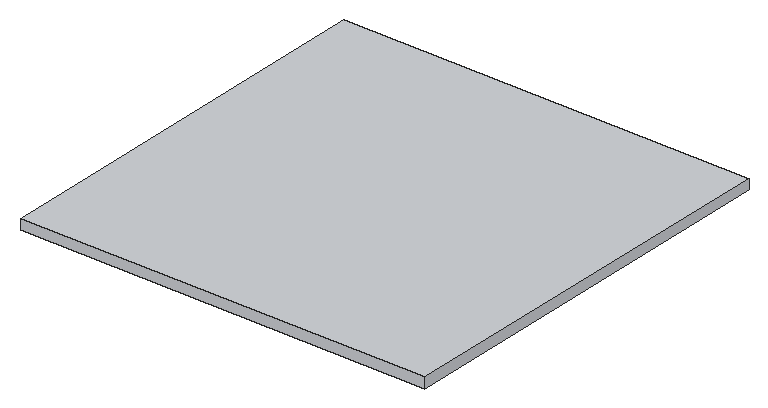
Revit family "88950300", category Aparatos sanitarios, Revit 2017
Family settings
  Anfitrión = Cara
  Cota de conector redondo = Diámetro de uso
  Tipo de pieza = Normal
  Número OmniClass = 23.45.55.14
  Título OmniClass = Single Faucets
  Corte con vacíos al cargar = No
  Compartido = No
  Punto de cálculo de habitación = No
Parameters (values of type "88950300")
  URL = "http://www.griferiasgalindo.com"
  Teléfono = "(+34) 915 782 575"
  TIPO DE AGUA = "Fria/Caliente"
  REFERENCIA = "88950300"
  Presión Máxima = "8 bar"
  PESO BRUTO = "7 Kg"
  Modelo = "Columna ducha mezcladora KARIM DUE"
  Material = LATON CROMADO
  Imagen de tipo = <Ninguno>
  Fabricante = "PRESTO IBÉRICA"
  Default Elevation = 1219.2 mm
  ENTRADA = "Hembre 3/4\""
  Descripción = "Grupo ducha mezcladora con columna, rociador y accesorios ducha"
  Código de montaje = "C1030220"
  Contacto = "info@prestoiberica.com"
  Conexión AF = yes
  Conexión AC = yes
  Comentarios de tipo = "Suministrado con excéntricas 1/2\" a 3/4\", flexo, soporte a pared y maneral. Cartucho sellado con discos cerámicos de diámetro 35 mm. Rodiador en ABS cromado de 225 mm. Barra soporte rociador regulable."
  CIERRE = "Manual"
  CAUDAL = "20,2 l/min"
  Accionamiento = "Mediante maneta"
Reference planes
  plane 1 "Centro (Frontal/Posterior)": y = 0
  plane 2: z = 0
  plane 3 "Centro (Izquierda/Derecha)": x = 0
Forms (mm)
  Extrusion 1, solid
    sketch origin (0, 0, 0) x (1, 0, 0) y (0, 1, 0)
      loop
        line (-100, 100) -> (-100, -100) -> (100, -100) -> (100, 100) -> (-100, 100)
    from 0 to -5
Dimensions and locks
  Extrusion 1 sketch curve to plane 1 "Centro (Frontal/Posterior)" = 100 mm
  aligned and locked: plane 2 to Extrusion 1
  aligned and locked: level to Extrusion 1
Connectors
  piping at (-62, 0, -19.8), diameter 19.1
    settings: on import instance, index 1, connector inside diameter 609.6 mm, connector length 0 mm, flow factor 0, pipe flow 0.0 L/s, pressure drop 0.0 Pa, fitting loss kfactor 0, connector angle 0.00°, fixture units 0, engagement length 0 mm, angle of deflection 0.00°, flow configuration 0, flow direction 1, fitting loss method 0, system type 19, joint type 0, gender type 0, connector reference index -1, connector utility 0, adjustable connector no, is connector primary yes, connector description ""
  piping at (87.7, 0, -19.8), diameter 19.1
    settings: on import instance, index 2, connector inside diameter 609.6 mm, connector length 0 mm, flow factor 0, pipe flow 0.0 L/s, pressure drop 0.0 Pa, fitting loss kfactor 0, connector angle 0.00°, fixture units 0, engagement length 0 mm, angle of deflection 0.00°, flow configuration 0, flow direction 1, fitting loss method 0, system type 20, joint type 0, gender type 0, connector reference index -1, connector utility 0, adjustable connector no, is connector primary no, connector description ""
